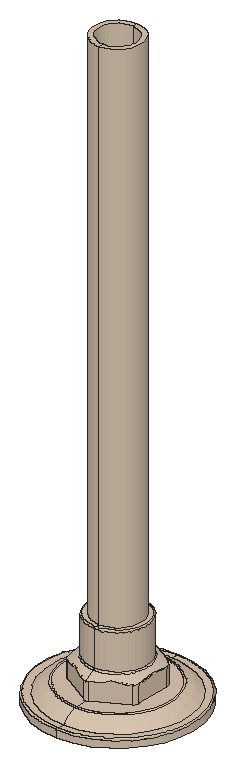
Revit family "Shower-Showerarm-KOHLER-MasterShower-K-16347IN", category Plumbing Fixtures, host Face, Revit 2017
Family settings
  Host = Face
  Round Connector Dimension = Use Diameter
  Part Type = Normal
  OmniClass Number = 23.31.17.00
  OmniClass Title = Showers
  Cut with Voids When Loaded = No
  Shared = No
  Room Calculation Point = No
Parameters (values of type "AF-Vibrant French Gold")
  Width = 2 9/16"  # constant formula
  WaterSense Certified = 1 = 0  # no
  Waste Water Outlet = "Waste Water Outlet"  # constant formula
  Waste Connection = 1 = 0  # no
  Vent Connection = 1 = 0  # no
  URL = "https://www.kohler.co.in/"
  Type = 1
  Tempered Water Inlet = "Tempered Water Inlet"  # constant formula
  Product Page URL = "https://www.kohler.co.in/product-detail/16347in?skuid=K-16347IN-AF"
  Product Name = "MasterShower"  # constant formula
  Product Documentation Link = ""
  Pressure = 0.00 psi
  Panel Thickness = 0"
  Model = if(Type = 1, "K-16347IN-AF", if(Type = 2, "K-16347IN-RGD", if(Type = 3, "K-16347IN-CP", "NA")))  # "K-16347IN-AF"
  Material = "Premium Metal Construction"  # constant formula
  Master Format 2014 Name = "Residential Showers"  # constant formula
  Master Format 2014 = "22 42 23"  # constant formula
  Manufacturer Address = "Ambience Office Tower NH-8 Gurgaon / Gurugram Haryana , 122001"  # constant formula
  Manufacturer = "KOHLER Co."  # constant formula
  Length = 10"  # constant formula
  Hot Water Inlet = "Hot Water Inlet"  # constant formula
  Height = 2 9/16"  # constant formula
  HW Connection = 1 = 1  # yes
  Flow Rate = 0 GPM
  Finish = Kohler-Metal-AF-Vibrant_French_Gold
  Environmental Product Declaration = ""
  Drain Included = 1 = 0  # no
  Description = "Ceiling Mount Shower Arm"  # constant formula
  Default Elevation = 0"
  Declare Label = ""
  Date Modified = "05/26/2020"  # constant formula
  Date Created = "05/26/2020"  # constant formula
  Copyright = "Copyright KOHLER Co."  # constant formula
  Contact Us = "https://www.kohler.co.in/contact-us"
  Cold Water Inlet = "Cold Water Inlet"  # constant formula
  CW Connection = 1 = 0  # no
  Assembly Code = "D2010700"
  ADA Compliant = 1 = 0  # no
Types (4): name | Type | Product Page URL | Model | Finish
  (no name) | 1 | "https://www.kohler.co.in/product-detail/16347in?skuid=K-16347IN-AF" | "K-16347IN-AF" | Kohler-Metal-AF-Vibrant_French_Gold
  AF-Vibrant French Gold | 1 | "https://www.kohler.co.in/product-detail/16347in?skuid=K-16347IN-AF" | "K-16347IN-AF" | Kohler-Metal-AF-Vibrant_French_Gold
  RGD-Polished Rose Gold | 2 | "https://www.kohler.co.in/product-detail/16347in?skuid=K-16347IN-RGD" | "K-16347IN-RGD" | Kohler-Metal-RGD-Polished_Rose_Gold
  CP-Polished Gold | 3 | "https://www.kohler.co.in/product-detail/16347in?skuid=K-16347IN-CP" | "K-16347IN-CP" | Kohler-Metal-CP-Polished_Chrome
Reference planes (in)
  plane 1 "Center (Front/Back)": y = 0
  plane 2: z = 0
  plane 3 "Center (Left/Right)": x = 0
  plane 4: z = 10
  plane 5: x = -0.39373
  plane 6: x = 0.39373
  plane 7: y = 0.39373
  plane 8: y = -0.39373
  plane 9: x = -1.27953
  plane 10: x = 1.28297
  plane 11: y = 1.27953
  plane 12: y = -1.28297
Dimensions and locks (in)
  "Length": level to plane 4
  "Width": plane 9 to plane 10
  "Height": plane 11 to plane 12
  aligned and locked: plane 2 to host face
  aligned and locked: level to host face
  aligned and locked: plane 3 "Center (Left/Right)" to nested 1
  aligned and locked: plane 1 "Center (Front/Back)" to nested 1
Automatic sketch dimensions
  host sketch curve to host sketch curve = 96"  (x2)
Nested families (in)
  nested 1: "K-16347IN" at (0, 0, 0), type "K-16347IN"
Connectors (in)
  piping at (0, 0, 0), diameter 0.5, driven by "Flow Rate", driven by "HW Connection", driven by "Tempered Water Inlet"
    settings: on nested 1, index 1, connector inside diameter 24", connector length 0", flow factor 0, pipe flow 0 GPM, pressure drop 0.00 psi, fitting loss kfactor 0, connector angle 0.00°, fixture units 0, engagement length 0", angle of deflection 0.00°, flow configuration 0, flow direction 1, fitting loss method 0, system type 19, joint type 0, gender type 0, connector reference index -1, connector utility 1, adjustable connector no, is connector primary yes, connector description "Tempered Water Inlet"
Definition of nested family "K-16347IN"
  Parameters (values of type "K-16347IN")
    Material = none
  Reference planes (in)
    plane 1 "Center (Front/Back)": y = 0
    plane 2: z = 0
    plane 3 "Center (Left/Right)": x = 0
    plane 4: z = 10
    plane 5: y = 0.39373
    plane 6: y = -0.39373
    plane 7: x = 0.39373
    plane 8: x = -0.39373
    plane 9: x = -1.27953
    plane 10: x = 1.27953
    plane 11: y = 1.27953
    plane 12: y = -1.27953
  Forms (in)
    Revolve 1, solid, material <- "Material", detail levels medium+fine
      sketch origin (0, 0, 0) x (0, 1, 0) y (0, 0, 1)
        loop
          line (0, 0.29528) -> (0, 0) -> (1.27953, 0) -> (1.27953, 0.11598)
          arc (1.27953, 0.11598) -> (1.27314, 0.1314) -> (1.25771, 0.1378) r 0.02182
          line (1.25771, 0.1378) -> (1.14166, 0.1378)
          arc (1.14166, 0.1378) -> (1.02834, 0.22439) -> (0.90131, 0.28923) r 0.79103
          arc (0.90131, 0.28923) -> (0.88595, 0.29375) -> (0.87001, 0.29528) r 0.08405
          line (0.87001, 0.29528) -> (0, 0.29528)
        axis (0, 0) -> (0, 0.29528)
      angle from 0 to 360
    Extrusion 2, void
      sketch origin (0, 0, 0) x (1, 0, 0) y (0, 1, 0)
        loop
          circle (0, 0) r 0.75964
        loop
          line (-0.04896, 0.65541) -> (-0.54672, 0.36803)
          arc (-0.54672, 0.36803) -> (-0.57993, 0.33482) -> (-0.59209, 0.28946) r 0.09074
          line (-0.59209, 0.28946) -> (-0.59209, -0.28956)
          arc (-0.59209, -0.28956) -> (-0.57996, -0.33484) -> (-0.54681, -0.36798) r 0.09055
          line (-0.54681, -0.36798) -> (-0.04528, -0.65754)
          arc (-0.04528, -0.65754) -> (0, -0.66968) -> (0.04528, -0.65754) r 0.09055
          line (0.04528, -0.65754) -> (0.54681, -0.36798)
          arc (0.54681, -0.36798) -> (0.57996, -0.33484) -> (0.59209, -0.28956) r 0.09055
          line (0.59209, -0.28956) -> (0.59209, 0.28956)
          arc (0.59209, 0.28956) -> (0.57996, 0.33484) -> (0.54681, 0.36798) r 0.09055
          line (0.54681, 0.36798) -> (0.04896, 0.65541)
          arc (0.04896, 0.65541) -> (0, 0.66853) -> (-0.04896, 0.65541) r 0.09793
      from 0.24007 to 1.3189
    Revolve 3, solid, material <- "Material", detail levels medium+fine
      sketch origin (0, 0, 0) x (0, 1, 0) y (0, 0, 1)
        loop
          line (0.69297, 0.24001) -> (0.69297, 0.56413) -> (0.50769, 0.67991)
          arc (0.50769, 0.67991) -> (0.49627, 0.69194) -> (0.49211, 0.70801) r 0.03314
          line (0.49211, 0.70801) -> (0.49211, 1.29866)
          arc (0.49211, 1.29866) -> (0.48618, 1.31297) -> (0.47187, 1.3189) r 0.02024
          line (0.47187, 1.3189) -> (0.39373, 1.3189) -> (0.39373, 10) -> (0.31496, 10) -> (0.31496, 1.3189) -> (0, 1.3189) -> (0, 0.24001) -> (0.69297, 0.24001)
        axis (0, 0.24001) -> (0, 10)
      angle from 0 to 360
    Revolve 4, solid, material <- "Material", detail levels coarse
      sketch origin (0, 0, 0) x (0, 1, 0) y (0, 0, 1)
        loop
          line (0, 1.3189) -> (0, 0) -> (1.27953, 0) -> (1.27953, 0.1378) -> (1.1432, 0.1378) -> (0.86662, 0.29528) -> (0.66853, 0.29528) -> (0.66853, 0.67948) -> (0.49212, 0.67948) -> (0.49212, 1.3189) -> (0.39373, 1.3189) -> (0.39373, 10) -> (0.31496, 10) -> (0.31496, 1.3189) -> (0, 1.3189)
        axis (0, 10) -> (0, 0)
      angle from 0 to 360
    Extrusion 5, solid, material <- "Material", detail levels medium+fine
      sketch origin (0, 0, 0) x (1, 0, 0) y (0, 1, 0)
        loop
          circle (0, 0) r 0.06127
      from 0 to 0.1378
  Cuts and joins
    Extrusion 2 cuts Revolve 3
    joined: Revolve 1, Revolve 3
  Lines and regions (in)
    Masking region 1
      outline origin (0, 0, 0) x (0, 1, 0) y (0, 0, 1)
        loop
          line (1.27953, 0) -> (1.27953, 0.11607)
          arc (1.27953, 0.11607) -> (1.27316, 0.13143) -> (1.2578, 0.1378) r 0.02172
          line (1.2578, 0.1378) -> (1.1432, 0.1378)
          arc (1.1432, 0.1378) -> (1.02989, 0.22468) -> (0.90223, 0.28862) r 0.75352
          arc (0.90223, 0.28862) -> (0.88473, 0.2936) -> (0.86662, 0.29528) r 0.0986
          line (0.86662, 0.29528) -> (0.66853, 0.29528) -> (0.66853, 0.57941) -> (0.5084, 0.67948)
          arc (0.5084, 0.67948) -> (0.49646, 0.69206) -> (0.49212, 0.70885) r 0.03463
          line (0.49212, 0.70885) -> (0.49212, 1.29748)
          arc (0.49212, 1.29748) -> (0.48584, 1.31262) -> (0.4707, 1.3189) r 0.02142
          line (0.4707, 1.3189) -> (0.39373, 1.3189) -> (0.39373, 10) -> (-0.39373, 10) -> (-0.39373, 1.3189) -> (-0.4707, 1.3189)
          arc (-0.4707, 1.3189) -> (-0.48584, 1.31262) -> (-0.49212, 1.29748) r 0.02142
          line (-0.49212, 1.29748) -> (-0.49212, 0.70885)
          arc (-0.49212, 0.70885) -> (-0.49646, 0.69206) -> (-0.5084, 0.67948) r 0.03463
          line (-0.5084, 0.67948) -> (-0.66853, 0.57941) -> (-0.66853, 0.29528) -> (-0.86662, 0.29528)
          arc (-0.86662, 0.29528) -> (-0.88473, 0.2936) -> (-0.90223, 0.28862) r 0.0986
          arc (-0.90223, 0.28862) -> (-1.02989, 0.22468) -> (-1.1432, 0.1378) r 0.75352
          line (-1.1432, 0.1378) -> (-1.2578, 0.1378)
          arc (-1.2578, 0.1378) -> (-1.27316, 0.13143) -> (-1.27953, 0.11607) r 0.02172
          line (-1.27953, 0.11607) -> (-1.27953, 0) -> (1.27953, 0)
    Masking region 2
      outline origin (0, 0, 0) x (1, 0, 0) y (0, 0, 1)
        loop
          line (-1.27953, 0) -> (1.27953, 0) -> (1.27953, 0.11791)
          arc (1.27953, 0.11791) -> (1.2737, 0.13197) -> (1.25964, 0.1378) r 0.01988
          line (1.25964, 0.1378) -> (1.14359, 0.1378)
          arc (1.14359, 0.1378) -> (1.02994, 0.2247) -> (0.90189, 0.28852) r 0.75217
          arc (0.90189, 0.28852) -> (0.88401, 0.29357) -> (0.86551, 0.29528) r 0.10138
          line (0.86551, 0.29528) -> (0.59209, 0.29528) -> (0.59209, 0.62717) -> (0.50867, 0.67929)
          arc (0.50867, 0.67929) -> (0.49653, 0.69209) -> (0.49212, 0.70916) r 0.03522
          line (0.49212, 0.70916) -> (0.49212, 1.29794)
          arc (0.49212, 1.29794) -> (0.48598, 1.31276) -> (0.47116, 1.3189) r 0.02096
          line (0.47116, 1.3189) -> (0.3937, 1.3189) -> (0.3937, 10) -> (-0.3937, 10) -> (-0.3937, 1.3189) -> (-0.47116, 1.3189)
          arc (-0.47116, 1.3189) -> (-0.48598, 1.31276) -> (-0.49212, 1.29794) r 0.02096
          line (-0.49212, 1.29794) -> (-0.49212, 0.70916)
          arc (-0.49212, 0.70916) -> (-0.49653, 0.69209) -> (-0.50867, 0.67929) r 0.03522
          line (-0.50867, 0.67929) -> (-0.59209, 0.62717) -> (-0.59209, 0.29528) -> (-0.86551, 0.29528)
          arc (-0.86551, 0.29528) -> (-0.88401, 0.29357) -> (-0.90189, 0.28852) r 0.10138
          arc (-0.90189, 0.28852) -> (-1.02994, 0.2247) -> (-1.14359, 0.1378) r 0.75217
          line (-1.14359, 0.1378) -> (-1.25964, 0.1378)
          arc (-1.25964, 0.1378) -> (-1.2737, 0.13197) -> (-1.27953, 0.11791) r 0.01988
          line (-1.27953, 0.11791) -> (-1.27953, 0)
    Masking region 3
      outline origin (0, 0, 0) x (1, 0, 0) y (0, 1, 0)
        loop
          circle (0, 0) r 1.27953
    symbolic lines, detail levels medium+fine
      curve 1: line (0, 1.1432, 0.1378) -> (0, -1.14166, 0.1378)
      curve 2: line (0, 0.66853, 0.29528) -> (0, -0.66853, 0.29528)
      curve 3: arc (0, -0.28572, 0.58642) -> (0, 0.0019, 0.62717) -> (0, 0.28937, 0.58535) r 1.02207
      curve 4: spline (0, 0.36841, 0.58554) -> (0, 0.39293, 0.59868) -> (0, 0.41775, 0.60936) -> (0, 0.4428, 0.61756) -> (0, 0.46802, 0.62325) -> (0, 0.49336, 0.62644) -> (0, 0.51874, 0.6271) -> (0, 0.54411, 0.62523) -> (0, 0.5694, 0.62085) -> (0, 0.59455, 0.61396) -> (0, 0.61949, 0.60458) -> (0, 0.64418, 0.59272) -> (0, 0.66853, 0.57843)
      curve 5: spline (0, -0.66853, 0.57853) -> (0, -0.64417, 0.5928) -> (0, -0.61948, 0.60464) -> (0, -0.59453, 0.614) -> (0, -0.56937, 0.62088) -> (0, -0.54408, 0.62525) -> (0, -0.51871, 0.6271) -> (0, -0.49332, 0.62643) -> (0, -0.46798, 0.62324) -> (0, -0.44275, 0.61753) -> (0, -0.4177, 0.60933) -> (0, -0.39288, 0.59865) -> (0, -0.36835, 0.58551)
      curve 6: spline (0, 0.28937, 0.58535) -> (0, 0.2972, 0.58332) -> (0, 0.30504, 0.58163) -> (0, 0.31283, 0.5803) -> (0, 0.32049, 0.57935) -> (0, 0.32793, 0.57878) -> (0, 0.33509, 0.5786) -> (0, 0.3419, 0.57882) -> (0, 0.34828, 0.57942) -> (0, 0.35418, 0.5804) -> (0, 0.35953, 0.58176) -> (0, 0.36429, 0.58348) -> (0, 0.36841, 0.58554)
      curve 7: spline (0, -0.36835, 0.58551) -> (0, -0.36406, 0.58338) -> (0, -0.35908, 0.58162) -> (0, -0.35346, 0.58025) -> (0, -0.34727, 0.57928) -> (0, -0.34055, 0.57873) -> (0, -0.3334, 0.5786) -> (0, -0.32588, 0.57889) -> (0, -0.31808, 0.5796) -> (0, -0.31007, 0.58072) -> (0, -0.30196, 0.58225) -> (0, -0.29381, 0.58415) -> (0, -0.28572, 0.58642)
      curve 8: line (0, 0.5084, 0.67948) -> (0, -0.5084, 0.67948)
      curve 9: line (0, 0.36841, 0.58554) -> (0, 0.36841, 0.29528)
      curve 10: line (0, 0.28937, 0.58535) -> (0, 0.28937, 0.29528)
      curve 11: line (0, -0.28572, 0.58642) -> (0, -0.28572, 0.29528)
      curve 12: line (0, -0.36835, 0.58551) -> (0, -0.36835, 0.29528)
      curve 13: line (0, 0.39373, 1.3189) -> (0, -0.39373, 1.3189)
      curve 14: line (0, -0.39373, 10) -> (0, 0.39373, 9.95873)
      curve 15: line (0, -0.39373, 9.94716) -> (0, 0.39373, 9.90589)
      curve 16: line (0, -0.39373, 9.89431) -> (0, 0.39373, 9.85304)
      curve 17: line (0, -0.39373, 9.84147) -> (0, 0.39373, 9.8002)
      curve 18: line (0, -0.39373, 9.78862) -> (0, 0.39373, 9.74736)
      curve 19: line (-1.14359, 0, 0.1378) -> (1.14166, 0, 0.1378)
      curve 20: line (-0.59209, 0, 0.29528) -> (0.59209, 0, 0.29528)
      curve 21: spline (-0.04542, 0, 0.58534) -> (-0.0863, 0, 0.59806) -> (-0.12766, 0, 0.60851) -> (-0.16941, 0, 0.61666) -> (-0.21145, 0, 0.62249) -> (-0.25369, 0, 0.626) -> (-0.29601, 0, 0.62717) -> (-0.33834, 0, 0.626) -> (-0.38058, 0, 0.6225) -> (-0.42262, 0, 0.61667) -> (-0.46436, 0, 0.60852) -> (-0.50573, 0, 0.59808) -> (-0.54661, 0, 0.58536)
      curve 22: spline (0.54661, 0, 0.58536) -> (0.50573, 0, 0.59808) -> (0.46437, 0, 0.60852) -> (0.42263, 0, 0.61666) -> (0.3806, 0, 0.6225) -> (0.33837, 0, 0.626) -> (0.29605, 0, 0.62717) -> (0.25372, 0, 0.626) -> (0.2115, 0, 0.6225) -> (0.16946, 0, 0.61666) -> (0.12772, 0, 0.60852) -> (0.08636, 0, 0.59808) -> (0.04548, 0, 0.58536)
      curve 23: spline (0.04548, 0, 0.58536) -> (0.04159, 0, 0.58417) -> (0.03757, 0, 0.58309) -> (0.03344, 0, 0.58212) -> (0.02919, 0, 0.58127) -> (0.02486, 0, 0.58053) -> (0.02044, 0, 0.57992) -> (0.01596, 0, 0.57943) -> (0.01143, 0, 0.57906) -> (0.00686, 0, 0.57881) -> (0.00227, 0, 0.5787) -> (-0.00233, 0, 0.57871) -> (-0.00692, 0, 0.57884)
      curve 24: spline (-0.00692, 0, 0.57885) -> (-0.01033, 0, 0.57903) -> (-0.01373, 0, 0.57928) -> (-0.01711, 0, 0.57959) -> (-0.02045, 0, 0.57998) -> (-0.02376, 0, 0.58043) -> (-0.02703, 0, 0.58094) -> (-0.03024, 0, 0.58152) -> (-0.03341, 0, 0.58216) -> (-0.03651, 0, 0.58287) -> (-0.03955, 0, 0.58363) -> (-0.04252, 0, 0.58446) -> (-0.04542, 0, 0.58534)
      curve 25: spline (-0.54661, 0, 0.58536) -> (-0.55319, 0, 0.58334) -> (-0.55942, 0, 0.58166) -> (-0.56526, 0, 0.58033) -> (-0.57064, 0, 0.57937) -> (-0.57551, 0, 0.57879) -> (-0.57982, 0, 0.57859) -> (-0.58353, 0, 0.57878) -> (-0.58661, 0, 0.57935) -> (-0.58903, 0, 0.5803) -> (-0.59075, 0, 0.58162) -> (-0.59177, 0, 0.58329) -> (-0.59208, 0, 0.5853)
      curve 26: spline (0.59208, 0, 0.5853) -> (0.59177, 0, 0.58329) -> (0.59075, 0, 0.58162) -> (0.58903, 0, 0.5803) -> (0.58661, 0, 0.57935) -> (0.58353, 0, 0.57878) -> (0.57982, 0, 0.57859) -> (0.57551, 0, 0.57879) -> (0.57064, 0, 0.57937) -> (0.56526, 0, 0.58033) -> (0.55942, 0, 0.58166) -> (0.55319, 0, 0.58334) -> (0.54661, 0, 0.58536)
      curve 27: line (-0.3937, 0, 1.3189) -> (0.39373, 0, 1.3189)
      curve 28: line (-0.50838, 0, 0.67948) -> (0.50838, 0, 0.67948)
      curve 29: line (-0.04542, 0, 0.58534) -> (-0.04542, 0, 0.29528)
      curve 30: line (0.04548, 0, 0.58536) -> (0.04548, 0, 0.29528)
      curve 31: line (-0.3937, 0, 9.95873) -> (0.3937, 0, 10)
      curve 32: line (-0.3937, 0, 9.90589) -> (0.3937, 0, 9.95883)
      curve 33: line (-0.3937, 0, 9.85294) -> (0.3937, 0, 9.91758)
      curve 34: line (-0.3937, 0, 9.7546) -> (0.3937, 0, 9.83097)
      curve 35: line (-0.3937, 0, 9.80219) -> (0.3937, 0, 9.87856)
      curve 36: circle (0, 0, 0) r 1.14166 normal (0, 0, 1)
      curve 37: line (0.54681, -0.36798, 0) -> (0.04528, -0.65754, 0)
      curve 38: arc (0.59209, -0.28956, 0) -> (0.57996, -0.33484, 0) -> (0.54681, -0.36798, 0) r 0.09055
      curve 39: line (0.59209, 0.28956, 0) -> (0.59209, -0.28956, 0)
      curve 40: arc (0.54681, 0.36798, 0) -> (0.57996, 0.33484, 0) -> (0.59209, 0.28956, 0) r 0.09055
      curve 41: line (0.04896, 0.65541, 0) -> (0.54681, 0.36798, 0)
      curve 42: arc (-0.04896, 0.65541, 0) -> (0, 0.66853, 0) -> (0.04896, 0.65541, 0) r 0.09793
      curve 43: line (-0.54672, 0.36803, 0) -> (-0.04896, 0.65541, 0)
      curve 44: arc (-0.59209, 0.28946, 0) -> (-0.57993, 0.33482, 0) -> (-0.54672, 0.36803, 0) r 0.09074
      curve 45: line (-0.59209, -0.28956, 0) -> (-0.59209, 0.28946, 0)
      curve 46: line (-0.04528, -0.65754, 0) -> (-0.54681, -0.36798, 0)
      curve 47: arc (-0.54681, -0.36798, 0) -> (-0.57996, -0.33484, 0) -> (-0.59209, -0.28956, 0) r 0.09055
      curve 48: arc (0.04528, -0.65754, 0) -> (0, -0.66968, 0) -> (-0.04528, -0.65754, 0) r 0.09055
      curve 49: arc (0, 0.39373, 0) -> (-0.39373, 0, 0) -> (0, -0.39373, 0) r 0.39373
      curve 50: arc (0, -0.39373, 0) -> (0.39373, 0, 0) -> (0, 0.39373, 0) r 0.39373
      curve 51: arc (0, -0.31496, 0) -> (0.31496, 0, 0) -> (0, 0.31496, 0) r 0.31496
      curve 52: arc (0, 0.31496, 0) -> (-0.31496, 0, 0) -> (0, -0.31496, 0) r 0.31496
      curve 53: circle (0, 0, 0) r 0.49212 normal (0, 0, 1)
  Dimensions and locks (in)
    plane 4 to level = 10"
    locked: plane 9 to plane 10 at 2.55906
    aligned and locked: plane 2 to level
